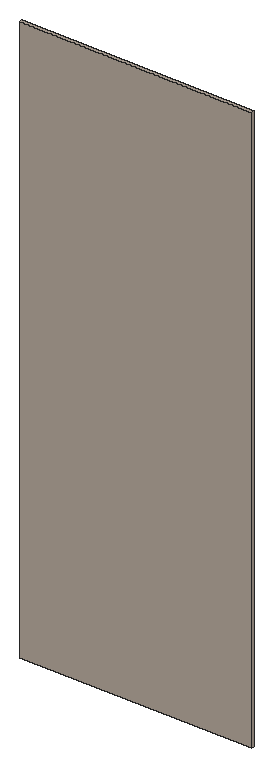
Revit family "MOMENTUM_PANEL_ZURI", category Generic Models, Revit 2022
Family settings
  Can host rebar = No
  Round Connector Dimension = Use Diameter
  Part Type = Normal
  Work Plane-Based = No
  Always vertical = Yes
  Cut with Voids When Loaded = No
  Maintain Annotation Orientation = No
  Shared = No
  Room Calculation Point = No
Parameters (values of type "zuri_panel-ash-09570933")
  Warranty URL = "https://momentumtextilesandwalls.com/products/09579227/warranty"
  URL = "https://momentumtextilesandwalls.com/solutions/acoustics"
  Type Comments = ""
  Support Email = "customerservice@momtex.com"
  Product Page URL = "https://momentumtextilesandwalls.com/pages/solutions/acoustics/panels"
  Product Name = "PINDROP PANELS - Zuri"
  Product Documetation Link = "https://momentumtextilesandwalls.com/pages/solutions/acoustics/resources"
  Pindrop Color = Pindrop - Zuri Ash
  Model = "09570933"
  Material = "1/2\" PET Acoustic Felt"
  Manufacturer Phone Number = "+1 800.366.6839"
  Manufacturer Email = "customerservice@momtex.com"
  Manufacturer Address = "17811 Fitch, Irvine, California 92614"
  Manufacturer = "Momentum"
  Keynote = "09840.A1"
  Instruction Sheet Link = "https://momentumtextilesandwalls-res.cloudinary.com/image/upload/v1/pdf/solid_color_installation_guide.pdf?_a=AAFIKDQ"
  Installation Type = "Construction Adhesive"
  Description = "WALL TO WALL, FLOOR TO CEILING: complete coverage for noisy spaces. Panels can be easily trimmed on-site or made to your exact measurements to ensure a perfect fit. Available in solid colors, textured colors and etched or printed Statement Patterns. Made from recycled PET felt (0.5\"), Red List free with an NRC value of 0.45-0.9.\r\nZURI texture pattern: The warmth of wood textures, made to create a natural hush. Available in 6 colors, Zuri's contemporary and welcoming pattern has infinite applications."
  Default Elevation = 0"
  Cost = 0
  Copyright = "Copyright © 2023 Momentum"
  Assembly Code = "C3010140"
Types (6): name | Pindrop Color | Model
  zuri_panel-ash-09570933 | Pindrop - Zuri Ash | "09570933"
  zuri_panel-bleached_oak-09570922 | Pindrop - Zuri Bleached Oak | "09570922"
  zuri_panel-ebony-09570966 | Pindrop - Zuri Ebony | "09570966"
  zuri_panel-mahogany-09570977 | Pindrop - Zuri Mahogany | "09570977"
  zuri_panel-walnut-09570944 | Pindrop - Zuri Walnut | "09570944"
  zuri_panel-weathered_oak-09570955 | Pindrop - Zuri Weathered Oak | "09570955"
Reference planes (in)
  plane 1 "Center (Front/Back)": y = 0
  plane 2: z = 0
  plane 3 "Center (Left/Right)": x = 0
  plane 4: y = -0.5
Forms (in)
  Extrusion 1, solid, material "Pindrop - Zuri Ash" <- "Pindrop Color"
    sketch origin (0, 0, 0) x (1, 0, 0) y (0, 0, 1)
      loop
        line (0, 0) -> (48, 0) -> (48, 118) -> (0, 118) -> (0, 0)
    from 0 to 0.5
Dimensions and locks (in)
  locked: Extrusion 1 sketch curve to Extrusion 1 sketch curve at 48
  locked: Extrusion 1 sketch curve to Extrusion 1 sketch curve at 118
  plane 4 to plane 1 "Center (Front/Back)" = 1/2"
  aligned and locked: level to plane 2
  aligned and locked: Extrusion 1 sketch curve to level
  aligned and locked: Extrusion 1 sketch curve to plane 3 "Center (Left/Right)"
  aligned and locked: Extrusion 1 to plane 1 "Center (Front/Back)"
  aligned and locked: Extrusion 1 to plane 4
